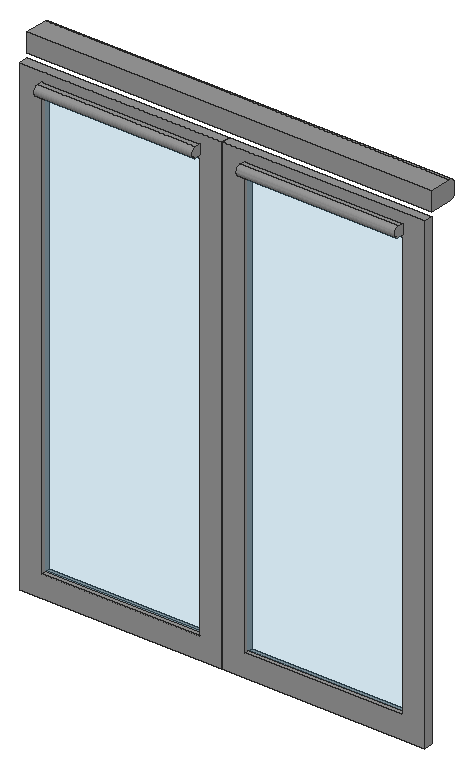
Revit family "MC_Puerta Batiente 2 Hoja", category Doors, Revit 2017
Family settings
  OmniClass Number = 23.30.10.00
  OmniClass Title = Doors
  Always vertical = Yes
  Cut with Voids When Loaded = No
  Shared = No
  Room Calculation Point = No
Parameters
  Vidrio = Glass
  URL = "http://www.automatics.cl/"
  Tipo = "Batiente"
  Thickness = 40.00 mm
  Sensor = Stainless Steel AISI 304
  Perfil Brazo Extensor = Stainless Steel AISI 304
  Model = "Batiente 2 Hojas"
  Manufacturer = "G-U"
  Function = Exterior
  Description = "Batiente 2 Hojas"
  Contacto Teléfono = "56 9 9789 7122"
  Contacto Nombre = "Carlos Leiva"
  Contacto Correo = "Carlos.Leiva@g-u.cl"
  Bastidor = Stainless Steel AISI 304
  Ancho Bastidor = 100.00 mm
  Analytic Construction = "<None>"
Reference planes
  plane 1 "Center (Front/Back)": y = 0
  plane 2: z = 0
  plane 3 "Center (Left/Right)": x = 82.523
  plane 4: x = -831.877
  plane 5: x = 996.923
  plane 6 "Top": z = 2133.6
  plane 7: y = 20
  plane 8: y = -20
  plane 9: z = 2033.6
  plane 10: z = 2043.6
  plane 11: x = 896.923
  plane 12: x = -731.877
  plane 13: z = 2153.6
  plane 14: x = 182.523
  plane 15: x = -17.477
  plane 16: z = 100
Forms (mm)
  Sweep 1, solid, material "Stainless Steel AISI 304" <- "Bastidor"
    path origin (0, 0, 0) x (1, 0, 0) y (0, 0, 1)
      loop
        line (82.523, 2133.6) -> (82.523, 0) -> (996.923, 0) -> (996.923, 2133.6) -> (82.523, 2133.6)
    profile origin (539.723, 0, 2133.6) x (0, 0, 1) y (0, -1, 0)
      loop
        line (0, -20) -> (0, 20) -> (-100, 20) -> (-100, -20) -> (0, -20)
  Extrusion 2, solid, material "Glass" <- "Vidrio", detail levels medium+fine
    sketch origin (0, 0, 0) x (1, 0, 0) y (0, 0, 1)
      loop
        line (896.923, 2033.6) -> (182.523, 2033.6) -> (182.523, 100) -> (896.923, 100) -> (896.923, 2033.6)
    from -4 to 4
  Sweep 3, solid, material "Stainless Steel AISI 304" <- "Bastidor"
    path origin (-1120, 0, 0) x (1, 0, 0) y (0, 0, 1)
      loop
        line (288.123, 2133.6) -> (288.123, 0) -> (1202.523, 0) -> (1202.523, 2133.6) -> (288.123, 2133.6)
    profile origin (-374.677, 0, 2133.6) x (0, 0, 1) y (0, -1, 0)
      loop
        line (0, -20) -> (0, 20) -> (-100, 20) -> (-100, -20) -> (0, -20)
  Extrusion 4, solid, material "Glass" <- "Vidrio", detail levels medium+fine
    sketch origin (-1200, 0, 0) x (1, 0, 0) y (0, 0, 1)
      loop
        line (1182.523, 2033.6) -> (468.123, 2033.6) -> (468.123, 100) -> (1182.523, 100) -> (1182.523, 2033.6)
    from -4 to 4
Lines and regions (mm)
  symbolic lines, style "Elevation Swing"
    curve 1: line (-831.877, 20, 0) -> (-831.877, 144, 0)
    curve 2: line (-831.877, 144, 0) -> (996.923, 144, 0)
    curve 3: line (996.923, 144, 0) -> (996.923, 20, 0)
    curve 4: line (996.923, 20, 0) -> (-831.877, 20, 0)
Text (mm)
  text "Exterior" at (-1161.5, 797.241, 0), in view "Ref. Level"
Dimensions and locks
  equal spacing: plane 4, plane 3 "Center (Left/Right)", plane 5, locked at 914.4 each
  equal spacing: plane 7, plane 1 "Center (Front/Back)", plane 8
  "Thickness": plane 7 to plane 8
  "Ancho Bastidor": plane 9 to plane 6 "Top"
  locked: plane 10 to plane 9 at 10
  "Ancho Bastidor": plane 11 to plane 5
  "Ancho Bastidor": plane 4 to plane 12
  locked: plane 13 to plane 10 at 110
  "Ancho Bastidor": plane 14 to plane 3 "Center (Left/Right)"
  "Ancho Bastidor": plane 3 "Center (Left/Right)" to plane 15
  "Ancho Bastidor": plane 2 to plane 16
  aligned and locked: level to plane 2
  aligned and locked: plane 7 to Sweep 1 sketch curve
  aligned and locked: Sweep 1 sketch curve to plane 8
  aligned and locked: plane 9 to Sweep 1 sketch curve
  aligned and locked: Extrusion 2 to Sweep 1  (x4)
  aligned and locked: nested 1 to plane 10
  aligned and locked: plane 8 to nested 1
  aligned and locked: plane 7 to nested 2
  aligned and locked: plane 10 to nested 2
  aligned and locked: plane 7 to nested 3
  aligned and locked: plane 5 to nested 3
  aligned and locked: plane 4 to nested 3
  aligned and locked: plane 11 to nested 2
  aligned and locked: nested 1 to plane 11
  aligned and locked: Sweep 1 to nested 4
  aligned and locked: plane 13 to nested 4
  aligned and locked: plane 13 to nested 3
  aligned and locked: Sweep 3 sketch curve to plane 4
  aligned and locked: Sweep 3 sketch curve to level
  aligned and locked: Sweep 3 sketch curve to plane 6 "Top"
  aligned and locked: profile plane to Sweep 3 sketch curve
  aligned and locked: Sweep 3 sketch curve to plane 8
  aligned and locked: plane 7 to Sweep 3 sketch curve
  aligned and locked: plane 9 to Sweep 3 sketch curve
  aligned and locked: Extrusion 4 to Sweep 1
  aligned and locked: Extrusion 4 to Sweep 3  (x2)
  aligned and locked: Sweep 1 to Extrusion 4
  aligned and locked: plane 14 to nested 2
  aligned and locked: nested 1 to plane 14
  aligned and locked: plane 12 to nested 5
  aligned and locked: plane 15 to nested 5
  aligned and locked: nested 6 to plane 15
  aligned and locked: nested 6 to plane 12
  aligned and locked: plane 10 to nested 5
  aligned and locked: nested 6 to plane 10
  aligned and locked: plane 1 "Center (Front/Back)" to nested 7
  aligned and locked: plane 3 "Center (Left/Right)" to nested 7
  aligned and locked: nested 7 to plane 4
  aligned and locked: nested 8 to plane 1 "Center (Front/Back)"
  aligned and locked: plane 3 "Center (Left/Right)" to nested 8
  aligned and locked: nested 8 to plane 5
  aligned and locked: Sweep 3 sketch curve to plane 3 "Center (Left/Right)"
  aligned and locked: Sweep 1 sketch curve to plane 3 "Center (Left/Right)"
Automatic sketch dimensions
  profile plane to Sweep 1 sketch curve = 0.00 mm
  Extrusion 2 sketch curve to plane 9 = 0.00 mm
  plane 11 to Extrusion 2 sketch curve = 0.00 mm
  plane 3 "Center (Left/Right)" to Extrusion 2 sketch curve = 100.00 mm
  level to Extrusion 2 sketch curve = 100.00 mm
  Extrusion 4 sketch curve to plane 9 = 0.00 mm
  Extrusion 4 sketch curve to plane 4 = 100.00 mm
  level to Extrusion 4 sketch curve = 100.00 mm
  Extrusion 4 sketch curve to plane 3 "Center (Left/Right)" = 100.00 mm
  Sweep 1 sketch curve to level = 0.00 mm
  Sweep 1 sketch curve to plane 6 "Top" = 0.00 mm
  plane 5 to Sweep 1 sketch curve = 0.00 mm
  curve 1 to plane 4 = 0.00 mm
  curve 3 to plane 7 = 124.00 mm
  curve 2 to plane 5 = 0.00 mm
  plane 7 to curve 4 = 0.00 mm
Nested families
  nested 1: "Sensor Puerta" at (539.723, -20, 2066.1), type "Sensor Puerta", detail levels medium+fine
    with Ancho 714.40 mm
  nested 2: "Sensor Puerta" at (539.723, 20, 2066.1), type "Sensor Puerta"
    with Ancho 714.40 mm
  nested 3: "Brazo extensor" at (82.523, 20, 2196.1), type "Brazo extensor"
    with Ancho 1828.80 mm
  nested 4: "Brazo Puerta" at (82.523, 200, 2123.6) x (0, 1, 0) z (1, 0, 0), type "Brazo Puerta", detail levels medium+fine
    with Brazo 326.00 mm
  nested 5: "Sensor Puerta" at (-374.677, 20, 2066.1), type "Sensor Puerta", detail levels medium+fine
    with Ancho 714.40 mm
  nested 6: "Sensor Puerta" at (-374.677, -20, 2066.1), type "Sensor Puerta"
    with Ancho 714.40 mm
  nested 7: "Dibujo Batiente" at (-374.677, 0, 0), type "Dibujo Batiente"
    with Ancho Puerta 914.40 mm
  nested 8: "Dibujo Batiente" at (539.723, 0, 0) x (-1, 0, 0) z (0, 0, 1), type "Dibujo Batiente"
    with Ancho Puerta 914.40 mm
Definition of nested family "Sensor Puerta"
  Parameters (values of type "Sensor Puerta")
    Sensor Puerta = none
    Ancho [instance] = 638.003 mm
  Reference planes
    plane 1 "Center (Front/Back)": y = 0
    plane 2: z = 0
    plane 3 "Center (Left/Right)": x = 0
    plane 4: x = -319.001
    plane 5: x = 319.001
  Forms (mm)
    Extrusion 1, solid, material <- "Sensor Puerta"
      sketch origin (0, 0, 0) x (0, 1, 0) y (0, 0, 1)
        loop
          line (0, -22.5) -> (0, 22.5) -> (-23.5, 22.5)
          arc (-23.5, 22.5) -> (-46, 0) -> (-23.5, -22.5) r 22.5
          line (-23.5, -22.5) -> (0, -22.5)
      from -319.001 to 319.001
  Dimensions and locks
    equal spacing: plane 5, plane 3 "Center (Left/Right)", plane 4
    "Ancho": plane 5 to plane 4
    aligned and locked: level to plane 2
    aligned and locked: Extrusion 1 to plane 4
    aligned and locked: plane 5 to Extrusion 1
  Automatic sketch dimensions
    Extrusion 1 sketch curve to level = 0.00 mm
    Extrusion 1 sketch curve to plane 1 "Center (Front/Back)" = 0.00 mm
    Extrusion 1 sketch curve to Extrusion 1 sketch curve = 23.50 mm
    Extrusion 1 sketch curve to level = 22.50 mm
Definition of nested family "Brazo extensor"
  Parameters (values of type "Brazo extensor")
    Sensor Puerta = none
    Ancho [instance] = 638.003 mm
  Reference planes
    plane 1 "Center (Front/Back)": y = 0
    plane 2: z = 0
    plane 3 "Center (Left/Right)": x = 0
    plane 4: x = -319.001
    plane 5: x = 319.001
  Forms (mm)
    Extrusion 1, solid, material <- "Sensor Puerta"
      sketch origin (0, 0, 0) x (0, 1, 0) y (0, 0, 1)
        loop
          line (0, -42.5) -> (0, 42.5) -> (-104, 42.5)
          arc (-104, 42.5) -> (-118.142, 36.642) -> (-124, 22.5) r 20
          line (-124, 22.5) -> (-124, -22.5)
          arc (-124, -22.5) -> (-118.142, -36.642) -> (-104, -42.5) r 20
          line (-104, -42.5) -> (0, -42.5)
      from -319.001 to 319.001
  Dimensions and locks
    equal spacing: plane 5, plane 3 "Center (Left/Right)", plane 4
    "Ancho": plane 5 to plane 4
    aligned and locked: level to plane 2
    aligned and locked: Extrusion 1 to plane 4
    aligned and locked: plane 5 to Extrusion 1
  Automatic sketch dimensions
    Extrusion 1 sketch curve to plane 1 "Center (Front/Back)" = 0.00 mm
    level to Extrusion 1 sketch curve = 22.50 mm
    plane 1 "Center (Front/Back)" to Extrusion 1 sketch curve = 104.00 mm
    Extrusion 1 sketch curve to level = 22.50 mm
    Extrusion 1 sketch curve to Extrusion 1 sketch curve = 0.00 mm
    Extrusion 1 sketch curve to Extrusion 1 sketch curve = 20.00 mm
Definition of nested family "Brazo Puerta"
  Parameters (values of type "Brazo Puerta")
    Brazo [instance] = 326.00 mm
  Reference planes
    plane 1 "Center (Front/Back)": y = 0
    plane 2: z = 0
    plane 3 "Center (Left/Right)": x = 0
    plane 4: x = -180
    plane 5: x = 180
    plane 6: x = -56
    plane 7: y = 30
    plane 8: y = -30
    plane 9: x = -146
  Lines and regions (mm)
    detail lines, in view "Ref. Level"
      curve 1: line (-146, 30, 0) -> (-114, 30, 0)
      curve 2: line (-146, 30, 0) -> (-146, 5, 0)
      curve 3: line (-146, 5, 0) -> (180, 5, 0)
      curve 4: line (-114, 30, 0) -> (-114, 15, 0)
      curve 5: line (-142.5, 15, 0) -> (175, 15, 0)
      curve 7: line (-142.5, 15, 0) -> (-142.5, 22, 0)
      curve 8: line (-142.5, 22, 0) -> (-146, 22, 0)
      curve 13: line (180, 10, 0) -> (180, 5, 0)
      curve 15: line (178, 5, 0) -> (178, -6, 0)
      curve 16: line (155, 5, 0) -> (155, -6, 0)
      curve 19: line (180, -6, 0) -> (-134, -6, 0)
      curve 20: line (-134, -6, 0) -> (-134, -19, 0)
      curve 21: line (-134, -19, 0) -> (180, -19, 0)
      curve 22: line (180, -19, 0) -> (180, -6, 0)
      curve 27: line (-134, -18, 0) -> (-176, -18, 0)
      curve 28: line (-176, -18, 0) -> (-176, -8, 0)
      curve 29: line (-176, -8, 0) -> (-134, -8, 0)
      curve 30: line (-150, -18, 0) -> (-150, -8, 0)
      curve 55: arc (180, 10, 0) -> (178.536, 13.536, 0) -> (175, 15, 0) r 5
    detail lines, in view "Ref. Level", detail levels fine
      curve 6: line (-146, 10, 0) -> (180, 10, 0)
      curve 10: line (-137, 5, 0) -> (-135, 3, 0)
      curve 11: line (-135, 3, 0) -> (-125, 3, 0)
      curve 12: line (-123, 5, 0) -> (-125, 3, 0)
      curve 14: line (168, 15, 0) -> (168, 5, 0)
      curve 17: line (178, -1, 0) -> (155, -1, 0)
      curve 18: line (178, -2, 0) -> (155, -2, 0)
      curve 24: line (154, -12, 0) -> (-134, -12, 0)
      curve 25: line (-125.167, -12, 0) -> (-125.167, -6, 0)
      curve 26: line (154, -8.5, 0) -> (-134, -8.5, 0)
      curve 39: line (-167, -8, 0) -> (-167, -5, 0)
      curve 40: line (-154.5, -8, 0) -> (-154.5, -5, 0)
      curve 41: line (-167, -18, 0) -> (-167, -20.5, 0)
      curve 42: line (-154.5, -18, 0) -> (-154.5, -20.5, 0)
      curve 43: line (-168, -3, 0) -> (-168, -1, 0)
      curve 44: line (-168, -1, 0) -> (-166.268, 0, 0)
      curve 45: line (-153.5, -3, 0) -> (-153.5, -1, 0)
      curve 46: line (-153.5, -1, 0) -> (-155.232, 0, 0)
      curve 47: line (-168, -1, 0) -> (-153.5, -1, 0)
      curve 48: line (-166.268, 0, 0) -> (-155.232, 0, 0)
      curve 49: line (-168, -25.186, 0) -> (-168, -27.186, 0)
      curve 50: line (-168, -27.186, 0) -> (-166.268, -28.186, 0)
      curve 51: line (-153.5, -25.186, 0) -> (-153.5, -27.186, 0)
      curve 52: line (-153.5, -27.186, 0) -> (-155.232, -28.186, 0)
      curve 53: line (-168, -27.186, 0) -> (-153.5, -27.186, 0)
      curve 54: line (-166.268, -28.186, 0) -> (-155.232, -28.186, 0)
      curve 56: line (-168, -25.186, 0) -> (-153.5, -25.186, 0)
      curve 57: line (-154.5, -25.186, 0) -> (-154.5, -22.5, 0)
      curve 58: line (-167, -25.186, 0) -> (-167, -22.5, 0)
      curve 59: line (-91.381, -6, 0) -> (-91.381, 0, 0)
      curve 60: line (-91.381, 0, 0) -> (-79.381, 0, 0)
      curve 61: line (-79.381, 0, 0) -> (-79.381, -6, 0)
      curve 62: line (-88.381, 0, 0) -> (-88.381, -6, 0)
      curve 63: line (-61.381, -6, 0) -> (-61.381, 0, 0)
      curve 64: line (-61.381, 0, 0) -> (-49.381, 0, 0)
      curve 65: line (-49.381, 0, 0) -> (-49.381, -6, 0)
      curve 66: line (-58.381, 0, 0) -> (-58.381, -6, 0)
      curve 67: line (-31.381, -6, 0) -> (-31.381, 0, 0)
      curve 68: line (-31.381, 0, 0) -> (-19.381, 0, 0)
      curve 69: line (-19.381, 0, 0) -> (-19.381, -6, 0)
      curve 70: line (-28.381, 0, 0) -> (-28.381, -6, 0)
      curve 71: line (-1.381, -6, 0) -> (-1.381, 0, 0)
      curve 72: line (-1.381, 0, 0) -> (10.619, 0, 0)
      curve 73: line (10.619, 0, 0) -> (10.619, -6, 0)
      curve 74: line (1.619, 0, 0) -> (1.619, -6, 0)
      curve 75: line (28.619, -6, 0) -> (28.619, 0, 0)
      curve 76: line (28.619, 0, 0) -> (40.619, 0, 0)
      curve 77: line (40.619, 0, 0) -> (40.619, -6, 0)
      curve 78: line (31.619, 0, 0) -> (31.619, -6, 0)
      curve 79: line (58.619, -6, 0) -> (58.619, 0, 0)
      curve 80: line (58.619, 0, 0) -> (70.619, 0, 0)
      curve 81: line (70.619, 0, 0) -> (70.619, -6, 0)
      curve 82: line (61.619, 0, 0) -> (61.619, -6, 0)
      curve 83: line (88.619, -6, 0) -> (88.619, 0, 0)
      curve 84: line (88.619, 0, 0) -> (100.619, 0, 0)
      curve 85: line (100.619, 0, 0) -> (100.619, -6, 0)
      curve 86: line (91.619, 0, 0) -> (91.619, -6, 0)
      curve 87: line (118.619, -6, 0) -> (118.619, 0, 0)
      curve 88: line (118.619, 0, 0) -> (130.619, 0, 0)
      curve 89: line (130.619, 0, 0) -> (130.619, -6, 0)
      curve 90: line (121.619, 0, 0) -> (121.619, -6, 0)
    detail lines, in view "Ref. Level", detail levels medium+fine
      curve 9: line (-126.5, 5, 0) -> (-126.5, 30, 0)
      curve 23: line (154, -19, 0) -> (154, -6, 0)
      curve 31: line (-180, -3, 0) -> (-150, -3, 0)
      curve 32: line (-150, -3, 0) -> (-150, -5, 0)
      curve 33: line (-150, -5, 0) -> (-178, -5, 0)
      curve 34: line (-178, -5, 0) -> (-178, -20.5, 0)
      curve 35: line (-178, -20.5, 0) -> (-150, -20.5, 0)
      curve 36: line (-150, -20.5, 0) -> (-150, -22.5, 0)
      curve 37: line (-150, -22.5, 0) -> (-180, -22.5, 0)
      curve 38: line (-180, -3, 0) -> (-180, -22.5, 0)
  Dimensions and locks
    plane 4 to plane 3 "Center (Left/Right)" to plane 5 = 180.00 mm, 180.00 mm
    locked: plane 4 to curve 20 at 46
    "Brazo": plane 9 to plane 5
    equal spacing: plane 4, plane 3 "Center (Left/Right)", plane 5
    locked: plane 4 to plane 5 at 360
    locked: plane 4 to curve 32 at 30
    locked: plane 4 to curve 36 at 30
    locked: plane 4 to curve 30 at 30
    locked: plane 9 to curve 9 at 19.5
    locked: plane 9 to curve 4 at 32
    locked: plane 9 to curve 7 at 3.5
    plane 4 to curve 43 to curve 45 = 12.00 mm locked, 14.50 mm locked
    plane 4 to curve 49 to curve 51 = 12.00 mm locked, 14.50 mm locked
    locked: plane 9 to curve 11 at 11
    locked: plane 9 to curve 12 at 21
    plane 4 to curve 59 to curve 61 = 88.619 mm locked, 12.00 mm locked
    aligned and locked: curve 2 to plane 9
  Automatic sketch dimensions
    curve 31 to plane 4 = 0.00 mm
    plane 1 "Center (Front/Back)" to curve 48 = 0.00 mm
    curve 9 to plane 7 = 0.00 mm
    plane 1 "Center (Front/Back)" to curve 60 = 0.00 mm
    plane 1 "Center (Front/Back)" to curve 63 = 0.00 mm
    plane 1 "Center (Front/Back)" to curve 67 = 0.00 mm
    plane 1 "Center (Front/Back)" to curve 72 = 0.00 mm
    plane 1 "Center (Front/Back)" to curve 76 = 0.00 mm
    plane 1 "Center (Front/Back)" to curve 79 = 0.00 mm
    plane 1 "Center (Front/Back)" to curve 84 = 0.00 mm
    plane 1 "Center (Front/Back)" to curve 87 = 0.00 mm
    curve 3 to plane 5 = 0.00 mm
    curve 19 to plane 5 = 0.00 mm
    plane 4 to curve 34 = 2.00 mm
    curve 34 to curve 27 = 2.00 mm
    plane 8 to curve 56 = 4.814 mm
    plane 1 "Center (Front/Back)" to curve 43 = 1.00 mm
    curve 50 to curve 54 = 1.732 mm
    curve 43 to curve 48 = 1.732 mm
    plane 8 to curve 52 = 1.814 mm
    plane 8 to curve 52 = 2.814 mm
    curve 52 to curve 52 = 1.732 mm
    curve 48 to curve 47 = 1.732 mm
    curve 11 to plane 1 "Center (Front/Back)" = 3.00 mm
    curve 63 to plane 6 = 5.381 mm
    plane 6 to curve 65 = 6.619 mm
    curve 64 to curve 67 = 18.00 mm
    curve 67 to curve 69 = 12.00 mm
    curve 72 to plane 3 "Center (Left/Right)" = 1.381 mm
    plane 3 "Center (Left/Right)" to curve 72 = 10.619 mm
    curve 72 to curve 76 = 18.00 mm
    curve 75 to curve 77 = 12.00 mm
    curve 76 to curve 79 = 18.00 mm
    curve 79 to curve 80 = 12.00 mm
    curve 80 to curve 84 = 18.00 mm
    curve 83 to curve 85 = 12.00 mm
    curve 84 to curve 87 = 18.00 mm
    curve 87 to curve 88 = 12.00 mm
    curve 55 to plane 5 = 5.00 mm
    plane 8 to curve 37 = 7.50 mm
    curve 37 to curve 35 = 2.00 mm
    plane 8 to curve 20 = 11.00 mm
    curve 34 to curve 28 = 2.50 mm
    plane 1 "Center (Front/Back)" to curve 28 = 8.00 mm
    plane 1 "Center (Front/Back)" to curve 22 = 6.00 mm
    curve 30 to curve 32 = 3.00 mm
    curve 33 to curve 31 = 2.00 mm
    curve 13 to plane 1 "Center (Front/Back)" = 5.00 mm
    curve 3 to curve 13 = 5.00 mm
    curve 5 to curve 8 = 7.00 mm
    curve 43 to curve 39 = 1.00 mm
    curve 49 to curve 58 = 1.00 mm
    curve 41 to curve 58 = 0.00 mm
    curve 57 to curve 51 = 1.00 mm
    curve 42 to curve 57 = 0.00 mm
    curve 40 to curve 45 = 1.00 mm
    curve 10 to curve 11 = 2.00 mm
    curve 24 to curve 25 = 8.833 mm
    curve 12 to curve 12 = 2.00 mm
    curve 59 to curve 62 = 3.00 mm
    curve 66 to plane 6 = 2.381 mm
    curve 67 to curve 70 = 3.00 mm
    plane 3 "Center (Left/Right)" to curve 74 = 1.619 mm
    curve 75 to curve 78 = 3.00 mm
    curve 79 to curve 82 = 3.00 mm
    curve 83 to curve 86 = 3.00 mm
    curve 87 to curve 90 = 3.00 mm
    curve 23 to plane 5 = 26.00 mm
    curve 23 to curve 16 = 1.00 mm
    curve 14 to curve 55 = 7.00 mm
    plane 1 "Center (Front/Back)" to curve 17 = 1.00 mm
    curve 17 to plane 5 = 2.00 mm
    curve 24 to curve 29 = 4.00 mm
    curve 26 to curve 29 = 0.50 mm
    curve 18 to curve 17 = 1.00 mm
Definition of nested family "Dibujo Batiente"
  Parameters (values of type "Dibujo Batiente")
    Espesor Bastidor = 40.00 mm
    Ancho Bastidor = 100.00 mm
    Ancho Puerta [instance] = 1600.00 mm
  Reference planes
    plane 1 "Center (Front/Back)": y = 0
    plane 2: z = 0
    plane 3 "Center (Left/Right)": x = 0
    plane 4: x = -800
    plane 5: x = 800
    plane 6: y = 1600
  Lines and regions (mm)
    detail lines, in view "Ref. Level", detail levels fine
      curve 1: line (-800, 0, 0) -> (-800, 95, 0)
      curve 2: line (-760, 0, 0) -> (-760, 95, 0)
      curve 3: line (-765, 1600, 0) -> (-795, 1600, 0)
      curve 4: line (-760, 0, 0) -> (-800, 0, 0)
    detail lines, in view "Ref. Level"
      curve 5: arc (-800, 1600, 0) -> (331.371, 1131.371, 0) -> (800, 0, 0) r 1600
      curve 8: line (-800, 1500, 0) -> (-800, 1600, 0)
      curve 9: line (-760, 1500, 0) -> (-760, 1600, 0)
      curve 10: line (-760, 1505, 0) -> (-760, 95, 0)
      curve 12: line (-800, 0, 0) -> (-800, 100, 0)
      curve 18: line (-800, 95, 0) -> (-800, 1505, 0)
    detail lines, in view "Ref. Level", detail levels medium+fine
      curve 6: line (-800, 1500, 0) -> (-760, 1500, 0)
      curve 7: line (-800, 100, 0) -> (-760, 100, 0)
    detail lines, in view "Ref. Level", detail levels coarse+medium
      curve 11: line (-800, 1600, 0) -> (-760, 1600, 0)
      curve 13: line (-760, 0, 0) -> (-800, 0, 0)
      curve 14: line (-760, 100, 0) -> (-760, 0, 0)
    model lines, in view "Ref. Level", detail levels fine
      curve 15: line (-780, 1500, 0) -> (-780, 100, 0)
      curve 16: line (-778.5, 1500, 0) -> (-778.5, 100, 0)
      curve 17: line (-781.5, 1500, 0) -> (-781.5, 100, 0)
  Dimensions and locks
    equal spacing: plane 4, plane 3 "Center (Left/Right)", plane 5
    "Ancho Puerta": plane 4 to plane 5
    "Ancho Puerta": plane 1 "Center (Front/Back)" to plane 6
    "Espesor Bastidor": plane 4 to curve 9
    "Ancho Bastidor": plane 6 to curve 6
    "Ancho Bastidor": plane 1 "Center (Front/Back)" to curve 7
    "Espesor Bastidor": plane 4 to curve 14
    equal spacing: curve 18, curve 15, curve 10
    aligned and locked: plane 6 to curve 3
    aligned and locked: curve 4 to plane 1 "Center (Front/Back)"
    aligned and locked: plane 4 to curve 12
    aligned and locked: curve 11 to plane 6
  Automatic sketch dimensions
    curve 11 to plane 4 = 0.00 mm
    plane 1 "Center (Front/Back)" to curve 5 = 0.00 mm
    curve 18 to curve 7 = 5.00 mm
    curve 2 to curve 7 = 5.00 mm
    plane 4 to curve 3 = 5.00 mm
    curve 17 to curve 15 = 1.50 mm
    curve 15 to curve 16 = 1.50 mm
    curve 3 to curve 9 = 5.00 mm
    curve 16 to curve 7 = 0.00 mm
    curve 15 to curve 16 = 0.00 mm  (x2)
    curve 17 to curve 15 = 0.00 mm
    curve 6 to curve 17 = 0.00 mm
    curve 17 to curve 16 = 0.00 mm
    curve 6 to curve 18 = 5.00 mm
    curve 6 to curve 10 = 5.00 mm
